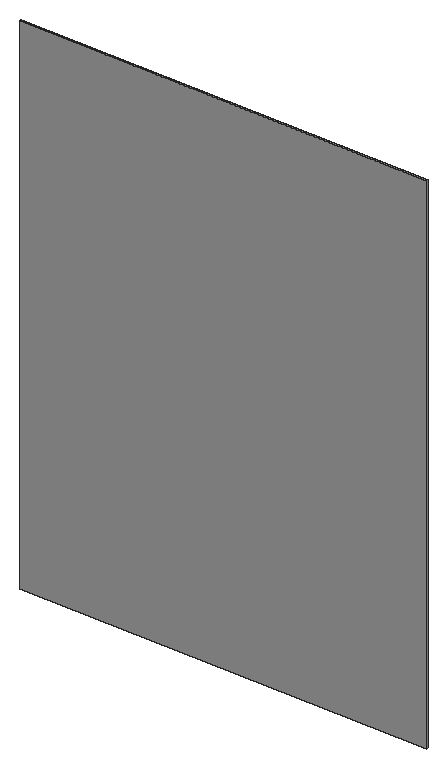
Revit family "PRE060005-FR", category Mobilier, Revit 2017
Family settings
  Basée sur le plan de construction = Non
  Toujours verticalement = Oui
  Couper avec des vides une fois chargée = Non
  Partagée = Non
  Point de calcul de pièce = Non
Parameters (values of type "71900 Presto Miroir Inox avec Trous de Fixation - 500x400mm")
  Variantes = "71900"
  Keynote = ""
  Garantie = "2"
  URL Fabricant = "http://www.prestodatashare.com/centretelechargement/index.php?lang=FR&refs=71900"
  URL = "http://www.prestodatashare.com/centretelechargement/index.php?lang=FR&refs=71900"
  Lien notice d'utilisation = "http://www.prestodatashare.com/centretelechargement/support.php?lang=FR&ref=71900"
  Lien fiche produit = "http://www.prestodatashare.com/espacedoc/Fiches_Techniques/FR/71900.pdf"
  Reference = "71900"
  Pression = ""
  Polantis code = "PRE060005"
  Profondeur = 1 mm
  Modèle = "71900 Presto Miroir Inox avec Trous de Fixation - 500x400mm"
  Matériau = Inox
  Lien CCTP = "http://www.prestodatashare.com/centretelechargement/index.php?lang=FR&refs=71900"
  Largeur = 400 mm
  Hauteur = 500 mm
  Fonction = "Miroir inox Classe 8 super Brillant avec trous de fixation - Angles arrondis\nMatériaux: Inox AISI 304, epaisseur 1 mm avec finition poli miroir\nDimensions: hauteur 500mm (B), largeur 400mm (A) avec trous de fixation de 6,1mm (pour vis de 6mm)"
  Finition = "Inox AISI 304 (ISO Z7 CN 18.09)"
  Fabricant = "LES ROBINETS PRESTO S.A."
  Description = "Miroir inox  500x400mm Classe 8 super brillant avec trous de fixation\r\nInox 304, Épaisseur 1 mm, Finition poli miroir"
  Debit = ""
  Raccordement = ""
  Adresse = "7, RUE RACINE - 92542 MONTROUGE CEDEX FRANCE"
Reference planes
  plane 1 "Centre (avant/arrière)": y = 0
  plane 2: z = 0
  plane 3 "Centre (gauche/droite)": x = 0
  plane 4: y = -1
  plane 5: x = 400
  plane 6: z = 500
Forms (mm)
  Extrusion 1, solid, material "Inox" <- "Matériau"
    sketch origin (0, 0, 0) x (1, 0, 0) y (0, 1, 0)
      loop
        line (0, 0) -> (0, -1) -> (400, -1) -> (400, 0) -> (0, 0)
    from 0 to 500
Dimensions and locks
  "Profondeur": plane 1 "Centre (avant/arrière)" to plane 4
  "Largeur": plane 3 "Centre (gauche/droite)" to plane 5
  "Hauteur": plane 6 to level
  plane 3 "Centre (gauche/droite)" to plane 5 = 400 mm
  aligned and locked: level to plane 2
  aligned and locked: plane 1 "Centre (avant/arrière)" to Extrusion 1 sketch curve
  aligned and locked: plane 3 "Centre (gauche/droite)" to Extrusion 1 sketch curve
  aligned and locked: plane 4 to Extrusion 1 sketch curve
  aligned and locked: plane 5 to Extrusion 1 sketch curve
  aligned and locked: plane 6 to Extrusion 1
